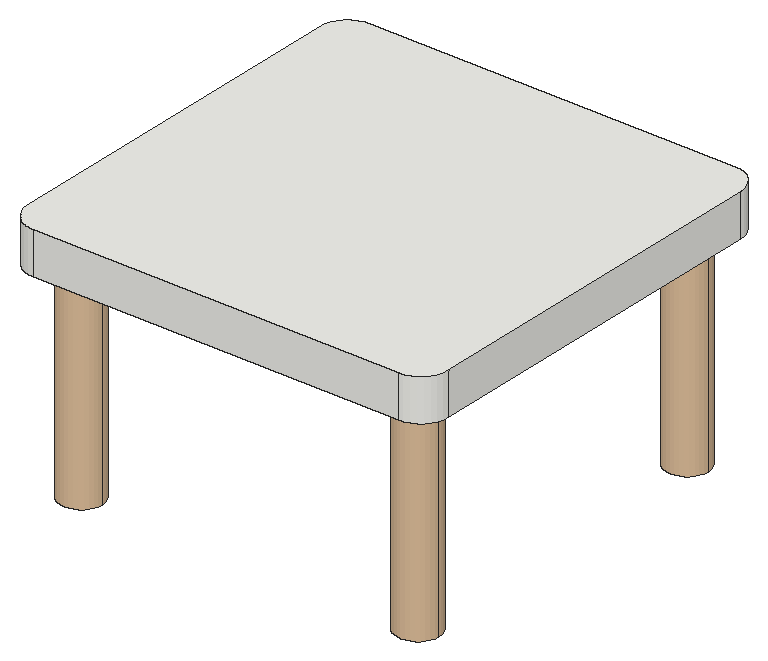
Revit family "table", category Furniture, Revit 2015
Parameters (values of type "0762 x 0762mm")
  Base Material = Wood - Birch
  Height = 457.00 mm
  Length = 762.00 mm
  Top Material = Laminate - Ivory, Matte
  Width = 762.00 mm
Types (4, lengths in mm): name | Height | Length | Width
  (no name) | 457.00 | 762.00 | 762.00
  0610 x 0160mm | 762.00 | 610.00 | 610.00
  0762 x 0762mm | 457.00 | 762.00 | 762.00
  0610 x 0915mm | 762.00 | 610.00 | 915.00
Reference planes
  plane 1: y = 152.4
  plane 2: z = 0
  plane 3 "Left": x = 3.734
  plane 4 "Right": x = 765.734
  plane 5 "Back": y = 533.4
  plane 6 "Front": y = -228.6
  plane 7: x = 384.734
Forms (mm)
  Extrusion 1, solid, material "Laminate - Ivory, Matte" <- "Top Material"
    sketch origin (0, 0, 0) x (1, 0, 0) y (0, 1, 0)
      loop
        line (54.534, -228.6) -> (714.934, -228.6)
        arc (714.934, -228.6) -> (750.855, -213.721) -> (765.734, -177.8) r 50.8
        line (765.734, -177.8) -> (765.734, 482.6)
        arc (765.734, 482.6) -> (750.855, 518.521) -> (714.934, 533.4) r 50.8
        line (714.934, 533.4) -> (54.534, 533.4)
        arc (54.534, 533.4) -> (18.613, 518.521) -> (3.734, 482.6) r 50.8
        line (3.734, 482.6) -> (3.734, -177.8)
        arc (3.734, -177.8) -> (18.613, -213.721) -> (54.534, -228.6) r 50.8
    from 380.8 to 457
  Extrusion 2, solid, material "Wood - Birch" <- "Base Material"
    sketch origin (0, 0, 0) x (1, 0, 0) y (0, 1, 0)
      loop
        circle (79.934, 457.2) r 38.1
      loop
        circle (79.934, -152.4) r 38.1
      loop
        circle (689.534, -152.4) r 38.1
      loop
        circle (689.534, 457.2) r 38.1
    from 0 to 380.8
Lines and regions (mm)
  Masking region 1
    outline origin (0, 0, 0) x (1, 0, 0) y (0, 1, 0)
      loop
        arc (54.534, 533.4) -> (18.613, 518.521) -> (3.734, 482.6) r 50.8
        line (3.734, 482.6) -> (3.734, -177.8)
        arc (3.734, -177.8) -> (18.613, -213.721) -> (54.534, -228.6) r 50.8
        line (54.534, -228.6) -> (714.934, -228.6)
        arc (714.934, -228.6) -> (750.855, -213.721) -> (765.734, -177.8) r 50.8
        line (765.734, -177.8) -> (765.734, 482.6)
        arc (765.734, 482.6) -> (750.855, 518.521) -> (714.934, 533.4) r 50.8
        line (714.934, 533.4) -> (54.534, 533.4)
Dimensions and locks
  locked: Extrusion 1 to Extrusion 1 at 76.2
  "Height": Extrusion 1 to plane 2
  locked: Extrusion 1 to Extrusion 2 sketch curve at 76.2  (x8)
  "Width": plane 5 "Back" to plane 6 "Front"
  "Length": plane 3 "Left" to plane 4 "Right"
  equal spacing: plane 5 "Back", plane 1, plane 6 "Front"
  equal spacing: plane 3 "Left", plane 7, plane 4 "Right"
  radius of Extrusion 1 sketch curve = 50.80 mm  (x4)
  aligned and locked: plane 2 to level
  aligned and locked: plane 6 "Front" to Extrusion 1 sketch curve
  aligned and locked: Extrusion 2 to Extrusion 1
  aligned and locked: Masking region 1 sketch curve to plane 5 "Back"
  aligned and locked: plane 3 "Left" to Masking region 1 sketch curve
  aligned and locked: plane 4 "Right" to Masking region 1 sketch curve
  aligned and locked: Masking region 1 sketch curve to plane 6 "Front"
  aligned: Masking region 1 sketch curve to Extrusion 1
Automatic sketch dimensions
  Extrusion 2 sketch curve to Extrusion 2 sketch curve = 38.10 mm  (x4)
  Extrusion 1 sketch curve to plane 3 "Left" = 0.00 mm
  Extrusion 1 sketch curve to plane 4 "Right" = 0.00 mm
  Extrusion 1 sketch curve to plane 5 "Back" = 0.00 mm
  plane 3 "Left" to Masking region 1 sketch curve = 50.80 mm  (x2)
  plane 4 "Right" to Masking region 1 sketch curve = 50.80 mm  (x2)
